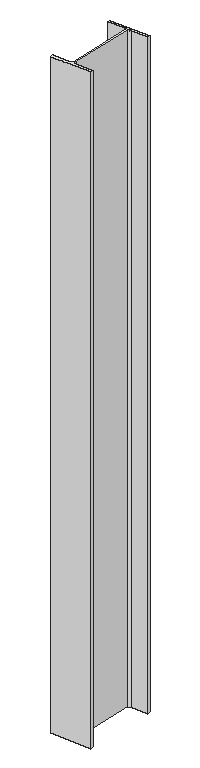
Revit family "UB-범용 보-기둥", category 구조 기둥, Revit 2026
Family settings
  단면 모양 = 정의되지 않음
  모델 동작 재료 = 스틸
  항상 형상으로 내보내기 = 아니오
  평면의 보 전환 = 경계 상자에서
  로드될 때 보이드를 사용하여 절단 = 아니오
  기호 표현 = 프로젝트 설정에서
  공유 = 아니오
  평면도에서 미리 절단된 패밀리 표시 = 예
Parameters (values of type "305x165x40UB")
  Assembly Code = ""
  Structural Material [instance] = 금속 - 스틸 - 345 MPa
  A = 0.005 m²
  Ix = 8503
  M = 40.3
  공칭 h = "305"
  Zx = 560
  b = 165 mm
  h = 303.4 mm
  r = 8.9 mm
  s = 6 mm
  t = 10.2 mm
Reference planes
  plane 1: y = 0
  plane 2: z = 0
  plane 3: x = 0
  plane 4: x = -82.5
  plane 5: x = 82.5
  plane 6: y = 151.7
  plane 7: y = -151.7
  plane 8: x = -3.969
  plane 9: x = 3.969
Forms (mm)
  Extrusion 1, solid, material "금속 - 스틸 - 345 MPa" <- "Structural Material", detail levels medium
    sketch origin (0, 0, 0) x (1, 0, 0) y (0, 1, 0)
      loop
        line (-82.5, 151.7) -> (-82.5, 141.5) -> (-3, 141.5) -> (-3, -141.5) -> (-82.5, -141.5) -> (-82.5, -151.7) -> (82.5, -151.7) -> (82.5, -141.5) -> (3, -141.5) -> (3, 141.5) -> (82.5, 141.5) -> (82.5, 151.7) -> (-82.5, 151.7)
    from 0 to 2500
  Extrusion 2, solid, material "금속 - 스틸 - 345 MPa" <- "Structural Material", detail levels fine
    sketch origin (0, 0, 0) x (1, 0, 0) y (0, 1, 0)
      loop
        line (-82.5, 151.7) -> (-82.5, 141.5) -> (-11.9, 141.5)
        arc (-11.9, 141.5) -> (-5.607, 138.893) -> (-3, 132.6) r 8.9
        line (-3, 132.6) -> (-3, -132.6)
        arc (-3, -132.6) -> (-5.607, -138.893) -> (-11.9, -141.5) r 8.9
        line (-11.9, -141.5) -> (-82.5, -141.5) -> (-82.5, -151.7) -> (82.5, -151.7) -> (82.5, -141.5) -> (11.9, -141.5)
        arc (11.9, -141.5) -> (5.607, -138.893) -> (3, -132.6) r 8.9
        line (3, -132.6) -> (3, 132.6)
        arc (3, 132.6) -> (5.607, 138.893) -> (11.9, 141.5) r 8.9
        line (11.9, 141.5) -> (82.5, 141.5) -> (82.5, 151.7) -> (-82.5, 151.7)
    from 0 to 2500
Lines and regions (mm)
  symbolic lines, style "StructuralColumnStickSymbols", detail levels coarse
    curve 1: line (-82.5, 151.7, 0) -> (82.5, 151.7, 0)
    curve 2: line (-82.5, -151.7, 0) -> (82.5, -151.7, 0)
    curve 3: line (0, 151.7, 0) -> (0, -151.7, 0)
  symbolic lines, style "숨겨진 면", detail levels medium+fine
    curve 4: line (-3.969, 0, 0) -> (-3.969, 0, 2500)
    curve 5: line (3.969, 0, 2500) -> (3.969, 0, 0)
Dimensions and locks
  equal spacing: plane 4, plane 3, plane 5
  equal spacing: plane 7, plane 1, plane 6
  "h": plane 7 to plane 6
  "b": plane 4 to plane 5
  "t": plane 7 to Extrusion 1 sketch curve
  "t": Extrusion 1 sketch curve to plane 6
  equal spacing: Extrusion 1 sketch curve, plane 3, Extrusion 1 sketch curve
  "s": Extrusion 1 sketch curve to Extrusion 1 sketch curve
  "r": radius of Extrusion 2 sketch curve  (x4)
  aligned and locked: plane 6 to Extrusion 1 sketch curve
  aligned and locked: Extrusion 1 sketch curve to plane 7
  aligned and locked: Extrusion 1 sketch curve to plane 4  (x2)
  aligned and locked: plane 5 to Extrusion 1 sketch curve  (x2)
  aligned and locked: Extrusion 1 sketch curve to Extrusion 1 sketch curve  (x2)
  aligned and locked: level to Extrusion 1
  aligned and locked: level to plane 2
  aligned and locked: Extrusion 1 to plane 2
  aligned and locked: plane 6 to Extrusion 2 sketch curve
  aligned and locked: plane 5 to Extrusion 2 sketch curve  (x2)
  aligned and locked: Extrusion 2 sketch curve to plane 4  (x2)
  aligned and locked: Extrusion 2 sketch curve to Extrusion 1  (x6)
  aligned and locked: Extrusion 2 sketch curve to plane 7
  aligned and locked: level to Extrusion 2
  aligned and locked: Extrusion 2 to level
Automatic sketch dimensions
  curve 2 to plane 4 = 0 mm
  curve 1 to plane 4 = 0 mm
  curve 3 to plane 3 = 0 mm
  curve 2 to plane 5 = 0 mm
  curve 1 to plane 5 = 0 mm
  curve 3 to plane 7 = 0 mm
  curve 3 to plane 6 = 0 mm
  curve 4 to level = 0 mm  (x2)
  curve 4 to plane 8 = 0 mm
  curve 5 to level = 0 mm  (x2)
  curve 5 to plane 9 = 0 mm
